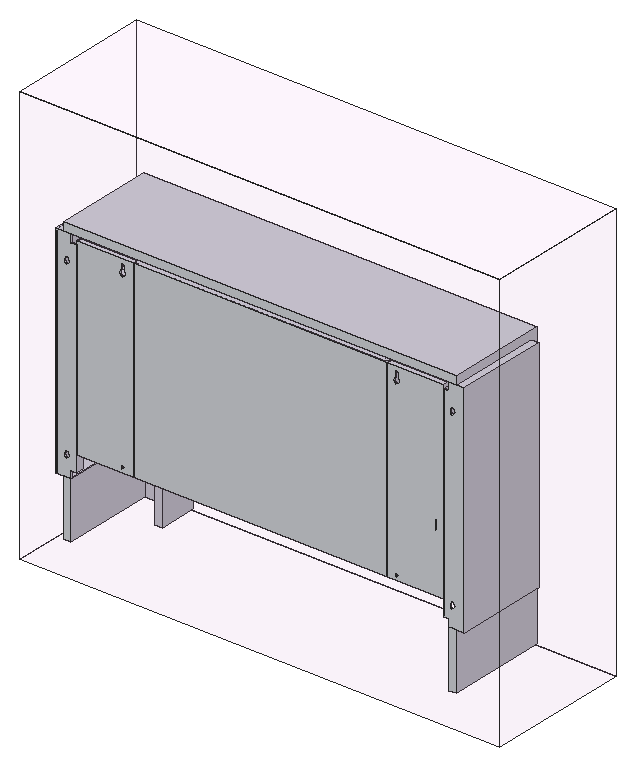
Revit family "01 - CASED EVOVERT - BTM IN - FRONT DIS - No Valves", category Mechanical Equipment, host Wall, Revit 2018 (continued)
Connectors
  piping at (365, 210.363, 628.302), diameter 15, driven by "LTHW Coil Connection Size"
    settings: on cut or joined group of Extrusion 18, Extrusion 20, Extrusion 23, Extrusion 25, Extrusion 29, Extrusion 31, index 5, connector inside diameter 609.6 mm, connector length 0.00 mm, flow factor 0, pipe flow 0.0 L/s, pressure drop 0.0 Pa, fitting loss kfactor 0, connector angle 0.00°, fixture units 0, engagement length 0.00 mm, angle of deflection 0.00°, flow configuration 0, flow direction 2, fitting loss method 4, system type 8, joint type 0, gender type 0, connector reference index -1, connector utility 0, adjustable connector no, is connector primary no, connector description "HTG Return"
  piping at (365, 261.486, 605.241), diameter 15, driven by "Ch.W Coil Connection Size"
    settings: on cut or joined group of Extrusion 18, Extrusion 20, Extrusion 23, Extrusion 25, Extrusion 29, Extrusion 31, index 6, connector inside diameter 609.6 mm, connector length 0.00 mm, flow factor 0, pipe flow 0.0 L/s, pressure drop 0.0 Pa, fitting loss kfactor 0, connector angle 0.00°, fixture units 0, engagement length 0.00 mm, angle of deflection 0.00°, flow configuration 0, flow direction 2, fitting loss method 4, system type 8, joint type 0, gender type 0, connector reference index -1, connector utility 0, adjustable connector no, is connector primary no, connector description "CLG Return"
  piping at (365, 252.488, 566.266), diameter 15, driven by "Ch.W Coil Connection Size"
    settings: on cut or joined group of Extrusion 18, Extrusion 20, Extrusion 23, Extrusion 25, Extrusion 29, Extrusion 31, index 7, connector inside diameter 609.6 mm, connector length 0.00 mm, flow factor 0, pipe flow 0.0 L/s, pressure drop 0.0 Pa, fitting loss kfactor 0, connector angle 0.00°, fixture units 0, engagement length 0.00 mm, angle of deflection 0.00°, flow configuration 0, flow direction 1, fitting loss method 4, system type 7, joint type 0, gender type 0, connector reference index -1, connector utility 0, adjustable connector no, is connector primary no, connector description "CLG Flow"
  piping at (-365, 252.488, 566.266), diameter 15, driven by "Ch.W Coil Connection Size"
    settings: on cut or joined group of Extrusion 21, Extrusion 22, Extrusion 24, Extrusion 26, Extrusion 32, index 8, connector inside diameter 609.6 mm, connector length 0.00 mm, flow factor 0, pipe flow 0.0 L/s, pressure drop 0.0 Pa, fitting loss kfactor 0, connector angle 0.00°, fixture units 0, engagement length 0.00 mm, angle of deflection 0.00°, flow configuration 0, flow direction 1, fitting loss method 4, system type 7, joint type 0, gender type 0, connector reference index -1, connector utility 0, adjustable connector no, is connector primary no, connector description "CLG Flow"
  piping at (-365, 261.486, 605.241), diameter 15, driven by "Ch.W Coil Connection Size"
    settings: on cut or joined group of Extrusion 21, Extrusion 22, Extrusion 24, Extrusion 26, Extrusion 32, index 9, connector inside diameter 609.6 mm, connector length 0.00 mm, flow factor 0, pipe flow 0.0 L/s, pressure drop 0.0 Pa, fitting loss kfactor 0, connector angle 0.00°, fixture units 0, engagement length 0.00 mm, angle of deflection 0.00°, flow configuration 0, flow direction 2, fitting loss method 4, system type 8, joint type 0, gender type 0, connector reference index -1, connector utility 0, adjustable connector no, is connector primary no, connector description "CLG Return"
  piping at (-365, 201.365, 589.327), diameter 15, driven by "LTHW Coil Connection Size"
    settings: on cut or joined group of Extrusion 21, Extrusion 22, Extrusion 24, Extrusion 26, Extrusion 32, index 10, connector inside diameter 609.6 mm, connector length 0.00 mm, flow factor 0, pipe flow 0.0 L/s, pressure drop 0.0 Pa, fitting loss kfactor 0, connector angle 0.00°, fixture units 0, engagement length 0.00 mm, angle of deflection 0.00°, flow configuration 0, flow direction 1, fitting loss method 4, system type 7, joint type 0, gender type 0, connector reference index -1, connector utility 0, adjustable connector no, is connector primary no, connector description "HTG Flow"
  piping at (-365, 210.363, 628.302), diameter 15, driven by "LTHW Coil Connection Size"
    settings: on cut or joined group of Extrusion 21, Extrusion 22, Extrusion 24, Extrusion 26, Extrusion 32, index 11, connector inside diameter 609.6 mm, connector length 0.00 mm, flow factor 0, pipe flow 0.0 L/s, pressure drop 0.0 Pa, fitting loss kfactor 0, connector angle 0.00°, fixture units 0, engagement length 0.00 mm, angle of deflection 0.00°, flow configuration 0, flow direction 2, fitting loss method 4, system type 8, joint type 0, gender type 0, connector reference index -1, connector utility 0, adjustable connector no, is connector primary no, connector description "HTG Return"
  electrical at (428.8, 155, 730)
    settings: on cut or joined group of Extrusion 52, Extrusion 53, Extrusion 54, Extrusion 57, index 12, voltage 230 V, apparent load 0 VA, apparent load phase1 0 VA, apparent load phase2 0 VA, apparent load phase3 0 VA, power factor 1, load classification "HVAC", number of poles 1, system type 31, power factor state 1, is connector primary yes, connector utility no, sub classification motor no, connector description "FCU Electrical Supply"
  electrical at (-428.8, 155, 730)
    settings: on cut or joined group of Extrusion 58, Extrusion 59, Extrusion 60, Extrusion 63, index 13, voltage 230 V, apparent load 0 VA, apparent load phase1 0 VA, apparent load phase2 0 VA, apparent load phase3 0 VA, power factor 1, load classification "HVAC", number of poles 1, system type 31, power factor state 1, is connector primary no, connector utility no, sub classification motor no, connector description "FCU Electrical Supply"
Definition of nested family "01 - EVOVERT CASE - LOW LEVEL - BTM IN - FRONT DIS"
  Parameters (values of type "EVOVERT CASE - Size 400")
    Top Pipework RH (CASE) = if([Top Pipework Entry (CASE)], if([RH Components Visible (CASE)], 1 = 1, 1 = 0), 1 = 0)  # no
    Top Pipework LH (CASE) = if([Top Pipework Entry (CASE)], if([LH Components Visible (CASE)], 1 = 1, 1 = 0), 1 = 0)  # no
    Top Pipework Entry (CASE) = no
    Side Pipework RH (CASE) = if([Side Pipework Entry (CASE)], if([RH Components Visible (CASE)], 1 = 1, 1 = 0), 1 = 0)  # no
    Side Pipework LH (CASE) = if([Side Pipework Entry (CASE)], if([LH Components Visible (CASE)], 1 = 1, 1 = 0), 1 = 0)  # no
    Side Pipework Entry (CASE) = no
    RH Components Visible (CASE) = yes
    Product Model Number (Code) [instance] = ""
    Plinth Visible (CASE) = yes
    Plinth Length = 150.00 mm  # constant formula
    Pipework Entry DIM (Top RH) = if([Top Pipework RH (CASE)], [FCU Depth (CASE)] - 90.00 mm, [FCU Depth (CASE)] + 50.00 mm)  # 285.00 mm
    Pipework Entry DIM (Top LH) = if([Top Pipework LH (CASE)], [FCU Depth (CASE)] - 90.00 mm, [FCU Depth (CASE)] + 50.00 mm)  # 285.00 mm
    Pipework Entry DIM (Side RH) = if([Side Pipework RH (CASE)], [FCU Depth (CASE)] - 90.00 mm, [FCU Depth (CASE)] + 50.00 mm)  # 285.00 mm
    Pipework Entry DIM (Side LH) = if([Side Pipework LH (CASE)], [FCU Depth (CASE)] - 90.00 mm, [FCU Depth (CASE)] + 50.00 mm)  # 285.00 mm
    Pipework Entry DIM (Bottom RH) = if([Bottom Pipework RH (CASE)], [FCU Depth (CASE)] - 90.00 mm, [FCU Depth (CASE)] + 50.00 mm)  # 145.00 mm
    Pipework Entry DIM (Bottom LH) = if([Bottom Pipework LH (CASE)], [FCU Depth (CASE)] - 90.00 mm, [FCU Depth (CASE)] + 50.00 mm)  # 145.00 mm
    Model = ""
    Mat Thickness Pos = 1.20 mm
    Mat Thickness Neg = Mat Thickness Pos * (-1)  # -1.20 mm
    Manufacturer = "Ability Projects"  # constant formula
    LH Components Visible (CASE) = yes
    Internet Address = ""
    Grille Length = Discharge Aperture Length / 2  # 817.50 mm
    FCU Width (CASE) = 1870.00 mm
    FCU Length (CASE) = 500.00 mm
    FCU Depth (CASE) = 235.00 mm
    Discharge Aperture Length = Chassis Discharge Aperture Length + 65.00 mm  # 1635.00 mm
    Description = ""
    Chassis Discharge Aperture Length = 1570.00 mm
    CASE Offset = 0.00 mm
    Bottom Pipework RH (CASE) = if([Bottom Pipework Entry (CASE)], if([RH Components Visible (CASE)], 1 = 1, 1 = 0), 1 = 0)  # yes
    Bottom Pipework Entry (CASE) = yes
    Bottom Pipework LH (CASE) = if([Bottom Pipework Entry (CASE)], if([LH Components Visible (CASE)], 1 = 1, 1 = 0), 1 = 0)  # yes
    Assembly Code = ""
    Access Clearance Visible - CASE [instance] = no
  Types (5, lengths in mm): name | RH Components Visible (CASE) | Pipework Entry DIM (Bottom RH) | Pipework Entry DIM (Bottom LH) | LH Components Visible (CASE) | Grille Length | FCU Width (CASE) | FCU Length (CASE) | Discharge Aperture Length | Chassis Discharge Aperture Length | Bottom Pipework RH (CASE) | Bottom Pipework Entry (CASE) | Bottom Pipework LH (CASE)
    EVOVERT CASE - Size 100 | no | 285.00 | 145.00 | yes | 667.50 | 1570.00 | 510.00 | 1335.00 | 1270.00 | no | yes | yes
    EVOVERT CASE - Size 200 | yes | 285.00 | 285.00 | no | 517.50 | 1270.00 | 500.00 | 1035.00 | 970.00 | no | no | no
    EVOVERT CASE - Size 300 | yes | 145.00 | 145.00 | yes | 667.50 | 1570.00 | 500.00 | 1335.00 | 1270.00 | yes | yes | yes
    EVOVERT CASE - Size 400 | yes | 145.00 | 145.00 | yes | 817.50 | 1870.00 | 500.00 | 1635.00 | 1570.00 | yes | yes | yes
    EVOVERT CASE - Size 500 | yes | 145.00 | 145.00 | yes | 967.50 | 2170.00 | 500.00 | 1935.00 | 1870.00 | yes | yes | yes
  Reference planes
    plane 1 "Wall": y = 0
    plane 2 "Center (Left/Right)": x = 0
    plane 3 "Back": y = 75
    plane 4 "Chassis Left": x = 935
    plane 5 "Chassis Right": x = -935
    plane 6 "FCU Bottom": z = 300
    plane 7 "FCU Top": z = 800
    plane 8 "FCU Front": y = 310
    plane 9: z = 550
    plane 10 "Case Front": y = 320
    plane 11 "Case Right": x = -990
    plane 12 "Case Left": x = 990
    plane 13 "Case Bottom": z = 240
    plane 14 "Case Top-Side": z = 810
    plane 15: y = 75
    plane 16 "Case Top": z = 830
  Forms (mm)
    Extrusion 1, solid
      sketch origin (-990, 0, 0) x (0, 1, 0) y (0, 0, 1)
        loop
          line (320, 810) -> (75, 810) -> (75, 240) -> (320, 240) -> (320, 810)
      from 0 to 1.2 <- "Mat Thickness Pos"
    Extrusion 2, solid
      sketch origin (-990, 75, 810) x (0, 0, -1) y (1, 0, 0)
        loop
          line (0, 0) -> (570, 0) -> (570, 40) -> (550, 40) -> (550, 55) -> (20, 55) -> (20, 40) -> (0, 40) -> (0, 0)
      from 0 to -1.2 <- "Mat Thickness Neg"
    Extrusion 3, solid
      sketch origin (-990, 320, 240) x (0, 0, 1) y (1, 0, 0)
        loop
          line (0, 0) -> (570, 0) -> (570, 40) -> (0, 40) -> (0, 0)
      from 0 to -1.2 <- "Mat Thickness Neg"
    Extrusion 4, solid
      sketch origin (-990, 320, 810) x (0, -1, 0) y (1, 0, 0)
        loop
          line (0, 0) -> (245, 0) -> (245, 40) -> (0, 40) -> (0, 0)
      from 0 to -1.2 <- "Mat Thickness Neg"
    Extrusion 5, solid
      sketch origin (-990, 75, 240) x (1, 0, 0) y (0, -1, 0)
        loop
          line (0, 0) -> (0, -245) -> (40, -245) -> (40, 0) -> (0, 0)
      from 0 to -1.2 <- "Mat Thickness Neg"
    Extrusion 6, solid
      sketch origin (-935, 75, 790) x (0, 0, -1) y (0, 1, 0)
        loop
          line (0, 0) -> (530, 0) -> (530, 20) -> (0, 20) -> (0, 0)
      from 0 to -1.2 <- "Mat Thickness Neg"
    Extrusion 7, void
      sketch origin (-990, 75, 810) x (-1, 0, 0) y (0, 0, 1)
        loop
          line (-33.75, -60) -> (-33.75, -61.388)
          arc (-33.75, -61.388) -> (-30, -73.75) -> (-26.25, -61.388) r 6.75
          line (-26.25, -61.388) -> (-26.25, -60)
          arc (-26.25, -60) -> (-30, -56.25) -> (-33.75, -60) r 3.75
        loop
          line (-33.75, -510) -> (-33.75, -511.388)
          arc (-33.75, -511.388) -> (-30, -523.75) -> (-26.25, -511.388) r 6.75
          line (-26.25, -511.388) -> (-26.25, -510)
          arc (-26.25, -510) -> (-30, -506.25) -> (-33.75, -510) r 3.75
      from 0 to 1.2
    Extrusion 8, void
      sketch origin (-935, 75, 790) x (0, 0, 1) y (0, 1, 0)
        loop
          circle (-20, 10) r 5
        loop
          circle (-470, 10) r 5
      from 0 to 1.2
    Extrusion 9, solid
      sketch origin (990, 0, 0) x (0, 0, 1) y (0, 1, 0)
        loop
          line (810, 75) -> (810, 320) -> (240, 320) -> (240, 75) -> (810, 75)
      from 0 to 1.2 <- "Mat Thickness Pos"
    Extrusion 10, solid
      sketch origin (990, 75, 240) x (0, 0, 1) y (-1, 0, 0)
        loop
          line (0, 0) -> (570, 0) -> (570, 40) -> (550, 40) -> (550, 55) -> (20, 55) -> (20, 40) -> (0, 40) -> (0, 0)
      from 0 to -1.2 <- "Mat Thickness Neg"
    Extrusion 11, solid
      sketch origin (990, 320, 810) x (0, 0, -1) y (-1, 0, 0)
        loop
          line (0, 0) -> (570, 0) -> (570, 40) -> (0, 40) -> (0, 0)
      from 0 to -1.2 <- "Mat Thickness Neg"
    Extrusion 12, solid
      sketch origin (990, 75, 810) x (0, 1, 0) y (-1, 0, 0)
        loop
          line (0, 0) -> (245, 0) -> (245, 40) -> (0, 40) -> (0, 0)
      from 0 to -1.2 <- "Mat Thickness Neg"
    Extrusion 13, solid
      sketch origin (990, 320, 240) x (-1, 0, 0) y (0, 1, 0)
        loop
          line (40, 0) -> (0, 0) -> (0, -245) -> (40, -245) -> (40, 0)
      from 0 to -1.2 <- "Mat Thickness Neg"
    Extrusion 14, solid
      sketch origin (935, 75, 260) x (0, 0, 1) y (0, 1, 0)
        loop
          line (530, 0) -> (530, 20) -> (0, 20) -> (0, 0) -> (530, 0)
      from 0 to -1.2 <- "Mat Thickness Neg"
    Extrusion 15, void
      sketch origin (990, 75, 240) x (1, 0, 0) y (0, 0, -1)
        loop
          arc (-33.75, -510) -> (-30, -513.75) -> (-26.25, -510) r 3.75
          line (-26.25, -510) -> (-26.25, -508.612)
          arc (-26.25, -508.612) -> (-30, -496.25) -> (-33.75, -508.612) r 6.75
          line (-33.75, -508.612) -> (-33.75, -510)
        loop
          arc (-33.75, -60) -> (-30, -63.75) -> (-26.25, -60) r 3.75
          line (-26.25, -60) -> (-26.25, -58.612)
          arc (-26.25, -58.612) -> (-30, -46.25) -> (-33.75, -58.612) r 6.75
          line (-33.75, -58.612) -> (-33.75, -60)
      from 0 to 1.2
    Extrusion 16, void
      sketch origin (935, 75, 260) x (0, 0, -1) y (0, 1, 0)
        loop
          circle (-510, 10) r 5
        loop
          circle (-60, 10) r 5
      from 0 to 1.2
    Extrusion 17, void
      sketch origin (-990, 320, 810) x (0, 1, 0) y (0, 0, 1)
        loop
          line (-285, -170) -> (-385, -170) -> (-385, -265) -> (-285, -265) -> (-285, -170)
        loop
          line (-285, -385) -> (-385, -385) -> (-385, -410) -> (-285, -410) -> (-285, -385)
      from 0 to 55
    Extrusion 18, void
      sketch origin (990, 320, 240) x (0, 1, 0) y (0, 0, -1)
        loop
          line (-385, -400) -> (-285, -400) -> (-285, -305) -> (-385, -305) -> (-385, -400)
        loop
          line (-385, -185) -> (-285, -185) -> (-285, -160) -> (-385, -160) -> (-385, -185)
      from 0 to 55
    Extrusion 19, solid
      sketch origin (-990, 320, 810) x (0, -1, 0) y (1, 0, 0)
        loop
          line (0, 20) -> (245, 20) -> (245, 1960) -> (0, 1960) -> (0, 20)
      from 0 to 22.4
    Extrusion 20, solid
      sketch origin (-950, 320, 810) x (-1, 0, 0) y (0, 0, 1)
        loop
          line (-1920, 22.4) -> (-1920, -22.6) -> (20, -22.6) -> (20, 22.4) -> (-1920, 22.4)
      from 0 to 20
    Extrusion 21, solid
      sketch origin (-950, 320, 810) x (-1, 0, 0) y (0, 0, 1)
        loop
          line (-1920, -132.6) -> (-1920, -182.6) -> (20, -182.6) -> (20, -132.6) -> (-1920, -132.6)
      from 0 to 20
    Extrusion 22, solid
      sketch origin (-950, 320, 810) x (-1, 0, 0) y (0, 0, 1)
        loop
          line (-1920, -182.6) -> (-1920, -192.6) -> (20, -192.6) -> (20, -182.6) -> (-1920, -182.6)
      from 0 to 1.2 <- "Mat Thickness Pos"
    Extrusion 23, solid
      sketch origin (-950, 320, 810) x (-1, 0, 0) y (0, 0, 1)
        loop
          line (-1920, -525) -> (-1920, -570) -> (20, -570) -> (20, -525) -> (-1920, -525)
      from 0 to 20
    Extrusion 24, solid
      sketch origin (-950, 320, 810) x (-1, 0, 0) y (0, 0, 1)
        loop
          line (-1920, -515) -> (-1920, -525) -> (20, -525) -> (20, -515) -> (-1920, -515)
      from 0 to 1.2 <- "Mat Thickness Pos"
    Extrusion 25, solid
      sketch origin (-950, 320, 810) x (-1, 0, 0) y (0, 0, 1)
        loop
          line (-1920, -192.6) -> (-1920, -515) -> (20, -515) -> (20, -192.6) -> (-1920, -192.6)
      from 0 to 20
    Extrusion 26, solid
      sketch origin (-950, 320, 810) x (-1, 0, 0) y (0, 0, 1)
        loop
          line (-132.5, -22.6) -> (-132.5, -132.6) -> (20, -132.6) -> (20, -22.6) -> (-132.5, -22.6)
      from 0 to 20
    Extrusion 27, solid
      sketch origin (950, 320, 240) x (1, 0, 0) y (0, 0, -1)
        loop
          line (20, -547.4) -> (20, -437.4) -> (-132.5, -437.4) -> (-132.5, -547.4) -> (20, -547.4)
      from 0 to 20
    Extrusion 28, solid, visible <- "Plinth Visible (CASE)"
      sketch origin (-950, 320, 240) x (0, 1, 0) y (1, 0, 0)
        loop
          line (-245, 0) -> (-245, -20) -> (20, -20) -> (20, 110) -> (-80, 110) -> (-80, 90) -> (0, 90) -> (0, 0) -> (-245, 0)
        loop
          line (-245, 1920) -> (-245, 1900) -> (0, 1900) -> (0, 1810) -> (-80, 1810) -> (-80, 1790) -> (20, 1790) -> (20, 1920) -> (-245, 1920)
      from 0 to 150 <- "Plinth Length"
    Extrusion 29, void
      sketch origin (970, 320, 832.4) x (0, -1, 0) y (-1, 0, 0)
        loop
          line (385, 1785) -> (385, 1915) -> (295, 1915) -> (295, 1785) -> (385, 1785)
      from 0 to 22.4
    Extrusion 30, void
      sketch origin (970, 320, 832.4) x (0, -1, 0) y (-1, 0, 0)
        loop
          line (385, 25) -> (385, 155) -> (295, 155) -> (295, 25) -> (385, 25)
      from 0 to 22.4
  Cuts and joins
    Extrusion 7, Extrusion 8, Extrusion 17 cuts Extrusion 1
    Extrusion 7, Extrusion 8, Extrusion 17 cuts Extrusion 2
    Extrusion 7, Extrusion 8, Extrusion 17 cuts Extrusion 3
    Extrusion 7, Extrusion 8, Extrusion 17 cuts Extrusion 4
    Extrusion 7, Extrusion 8, Extrusion 17 cuts Extrusion 5
    Extrusion 7, Extrusion 8, Extrusion 17 cuts Extrusion 6
    joined: Extrusion 1, Extrusion 2, Extrusion 3, Extrusion 4, Extrusion 5, Extrusion 6
    Extrusion 15, Extrusion 16, Extrusion 18 cuts Extrusion 9
    Extrusion 15, Extrusion 16, Extrusion 18 cuts Extrusion 10
    Extrusion 15, Extrusion 16, Extrusion 18 cuts Extrusion 11
    Extrusion 15, Extrusion 16, Extrusion 18 cuts Extrusion 12
    Extrusion 15, Extrusion 16, Extrusion 18 cuts Extrusion 13
    Extrusion 15, Extrusion 16, Extrusion 18 cuts Extrusion 14
    joined: Extrusion 9, Extrusion 10, Extrusion 11, Extrusion 12, Extrusion 13, Extrusion 14
    Extrusion 29, Extrusion 30 cuts Extrusion 19
    Extrusion 29, Extrusion 30 cuts Extrusion 20
    joined: Extrusion 19, Extrusion 20
    joined: Extrusion 21, Extrusion 22
    joined: Extrusion 23, Extrusion 24
  Text (mm)
    text "Placement side" at (-1820.995, -659.926, 0), in view "Ref. Level"
    text "Placement side" at (0, 1334.055, 2976.191), in view "Left"
    text "Placement side" at (0, 439.194, 2944.362), in view "Right"
  Dimensions and locks
    locked: plane 3 "Back" to host wall
    locked: level to plane 6 "FCU Bottom" at 300
    "FCU Length (CASE)": plane 6 "FCU Bottom" to plane 7 "FCU Top"
    equal spacing: plane 6 "FCU Bottom", plane 9, plane 7 "FCU Top"
    locked: plane 10 "Case Front" to plane 8 "FCU Front" at 10
    locked: plane 5 "Chassis Right" to plane 11 "Case Right" at 55
    locked: plane 4 "Chassis Left" to plane 12 "Case Left" at 55
    locked: plane 14 "Case Top-Side" to plane 7 "FCU Top" at 10
    locked: plane 6 "FCU Bottom" to plane 13 "Case Bottom" at 60
    locked: cut or joined group 1 (Extrusion 1, Extrusion 2, Extrusion 3, Extrusion 4, Extrusion 5, Extrusion 6, Extrusion 7, Extrusion 8, Extrusion 17) to Extrusion 6 sketch curve at 20
    locked: Extrusion 7 sketch curve to plane 11 "Case Right" at 30  (x3)
    locked: Extrusion 7 sketch curve to Extrusion 7 sketch curve at 7  (x2)
    locked: cut or joined group 1 to Extrusion 7 sketch curve at 30
    locked: Extrusion 15 sketch curve to plane 12 "Case Left" at 30  (x3)
    locked: cut or joined group 2 (Extrusion 9, Extrusion 10, Extrusion 11, Extrusion 12, Extrusion 13, Extrusion 14, Extrusion 15, Extrusion 16, Extrusion 18) to Extrusion 15 sketch curve at 30
    locked: Extrusion 15 sketch curve to Extrusion 15 sketch curve at 7  (x2)
    equal spacing: plane 4 "Chassis Left", plane 2 "Center (Left/Right)", plane 5 "Chassis Right"
    "FCU Width (CASE)": plane 4 "Chassis Left" to plane 5 "Chassis Right"
    locked: Extrusion 7 sketch curve to plane 7 "FCU Top" at 50
    locked: Extrusion 15 sketch curve to plane 7 "FCU Top" at 50
    locked: Extrusion 17 sketch curve to Extrusion 17 sketch curve at 25
    locked: Extrusion 17 sketch curve to Extrusion 17 sketch curve at 95
    locked: Extrusion 17 sketch curve to plane 6 "FCU Bottom" at 100
    locked: Extrusion 17 sketch curve to plane 7 "FCU Top" at 160
    locked: Extrusion 17 sketch curve to Extrusion 17 sketch curve at 100
    "Pipework Entry DIM (Side RH)": plane 10 "Case Front" to Extrusion 17 sketch curve
    locked: Extrusion 18 sketch curve to Extrusion 18 sketch curve at 100
    "Pipework Entry DIM (Side LH)": Extrusion 18 sketch curve to plane 10 "Case Front"
    "CASE Offset": plane 3 "Back" to plane 15
    "FCU Depth (CASE)": plane 8 "FCU Front" to plane 15
    locked: Extrusion 8 sketch curve to plane 6 "FCU Bottom" at 20
    locked: Extrusion 8 sketch curve to plane 15 at 10  (x2)
    locked: plane 7 "FCU Top" to Extrusion 8 sketch curve at 30
    locked: plane 11 "Case Right" to Extrusion 19 sketch curve at 20
    locked: Extrusion 19 sketch curve to plane 12 "Case Left" at 20
    locked: Extrusion 20 sketch curve to Extrusion 19 at 45
    locked: Extrusion 21 sketch curve to cut or joined group of Extrusion 19, Extrusion 20, Extrusion 29, Extrusion 30 at 110
    locked: Extrusion 21 sketch curve to Extrusion 21 sketch curve at 50
    locked: Extrusion 22 sketch curve to Extrusion 21 at 10
    locked: Extrusion 23 sketch curve to Extrusion 23 sketch curve at 45
    locked: Extrusion 23 to Extrusion 24 sketch curve at 10
    "Grille Length": plane 2 "Center (Left/Right)" to Extrusion 26 sketch curve
    "Grille Length": Extrusion 27 sketch curve to plane 2 "Center (Left/Right)"
    locked: cut or joined group of Extrusion 19, Extrusion 20, Extrusion 29, Extrusion 30 to Extrusion 28 sketch curve at 130
    locked: cut or joined group of Extrusion 19, Extrusion 20, Extrusion 29, Extrusion 30 to Extrusion 28 sketch curve at 100
    locked: Extrusion 28 sketch curve to Extrusion 28 sketch curve at 20  (x2)
    locked: Extrusion 28 sketch curve to cut or joined group of Extrusion 19, Extrusion 20, Extrusion 29, Extrusion 30 at 130
    locked: plane 14 "Case Top-Side" to plane 16 "Case Top" at 20
    locked: Extrusion 30 sketch curve to Extrusion 30 sketch curve at 90
    locked: Extrusion 30 sketch curve to Extrusion 30 sketch curve at 130
    locked: Extrusion 30 sketch curve to plane 12 "Case Left" at 45
    locked: Extrusion 29 sketch curve to Extrusion 29 sketch curve at 130
    locked: plane 11 "Case Right" to Extrusion 29 sketch curve at 45
    locked: Extrusion 29 sketch curve to Extrusion 29 sketch curve at 90
    "Pipework Entry DIM (Top LH)": plane 8 "FCU Front" to Extrusion 30 sketch curve
    "Pipework Entry DIM (Top RH)": Extrusion 29 sketch curve to plane 8 "FCU Front"
    aligned and locked: plane 1 "Wall" to host wall
    aligned and locked: plane 14 "Case Top-Side" to Extrusion 1 sketch curve
    aligned and locked: Extrusion 1 sketch curve to plane 13 "Case Bottom"
    aligned and locked: plane 10 "Case Front" to Extrusion 1 sketch curve
    aligned and locked: Extrusion 2 sketch curve to Extrusion 1  (x2)
    aligned and locked: Extrusion 3 sketch curve to Extrusion 1
    aligned and locked: Extrusion 3 sketch curve to Extrusion 2  (x3)
    aligned and locked: Extrusion 4 sketch curve to Extrusion 1
    aligned and locked: Extrusion 4 sketch curve to Extrusion 3
    aligned and locked: Extrusion 4 sketch curve to Extrusion 2  (x2)
    aligned and locked: Extrusion 5 sketch curve to Extrusion 1
    aligned and locked: Extrusion 5 sketch curve to Extrusion 3
    aligned and locked: Extrusion 2 to Extrusion 5 sketch curve
    aligned and locked: Extrusion 5 sketch curve to Extrusion 4
    aligned and locked: cut or joined group 1 to Extrusion 6 sketch curve
    aligned and locked: Extrusion 6 sketch curve to cut or joined group 1  (x2)
    aligned and locked: Extrusion 2 to Extrusion 7
    aligned and locked: Extrusion 6 to Extrusion 8
    aligned and locked: Extrusion 9 sketch curve to cut or joined group 1  (x4)
    aligned and locked: Extrusion 9 to plane 12 "Case Left"
    aligned and locked: Extrusion 10 sketch curve to Extrusion 9  (x3)
    aligned and locked: Extrusion 10 sketch curve to cut or joined group 1  (x2)
    aligned and locked: Extrusion 10 sketch curve to Extrusion 10 sketch curve
    aligned and locked: Extrusion 11 sketch curve to Extrusion 9  (x3)
    aligned and locked: Extrusion 11 sketch curve to Extrusion 10
    aligned and locked: Extrusion 12 sketch curve to Extrusion 9
    aligned and locked: Extrusion 12 sketch curve to Extrusion 11  (x2)
    aligned and locked: Extrusion 10 to Extrusion 12 sketch curve
    aligned and locked: Extrusion 13 sketch curve to Extrusion 11
    aligned and locked: Extrusion 13 sketch curve to Extrusion 9
    aligned and locked: Extrusion 13 sketch curve to Extrusion 10
    aligned and locked: Extrusion 13 sketch curve to Extrusion 12
    aligned and locked: Extrusion 14 sketch curve to cut or joined group 1  (x3)
    aligned and locked: cut or joined group 2 to Extrusion 14 sketch curve
    aligned and locked: Extrusion 10 to Extrusion 15
    aligned and locked: Extrusion 16 sketch curve to cut or joined group 1  (x4)
    aligned and locked: Extrusion 7 sketch curve to plane 6 "FCU Bottom"
    aligned and locked: plane 6 "FCU Bottom" to Extrusion 15 sketch curve
    aligned and locked: Extrusion 17 sketch curve to Extrusion 17 sketch curve  (x2)
    aligned and locked: plane 5 "Chassis Right" to Extrusion 17
    aligned and locked: Extrusion 18 sketch curve to Extrusion 18 sketch curve  (x2)
    aligned and locked: Extrusion 18 sketch curve to Extrusion 17  (x4)
    aligned and locked: Extrusion 18 to plane 4 "Chassis Left"
    aligned and locked: Extrusion 1 sketch curve to plane 15
    aligned and locked: Extrusion 19 sketch curve to plane 10 "Case Front"
    aligned and locked: Extrusion 20 sketch curve to Extrusion 19  (x3)
    aligned and locked: Extrusion 21 sketch curve to cut or joined group of Extrusion 19, Extrusion 20, Extrusion 29, Extrusion 30
    aligned and locked: cut or joined group of Extrusion 19, Extrusion 20, Extrusion 29, Extrusion 30 to Extrusion 21 sketch curve
    aligned and locked: Extrusion 21 to cut or joined group of Extrusion 19, Extrusion 20, Extrusion 29, Extrusion 30
    aligned and locked: Extrusion 22 sketch curve to Extrusion 21  (x3)
    aligned and locked: plane 13 "Case Bottom" to Extrusion 23 sketch curve
    aligned and locked: Extrusion 23 sketch curve to cut or joined group of Extrusion 21, Extrusion 22
    aligned and locked: cut or joined group of Extrusion 21, Extrusion 22 to Extrusion 23 sketch curve
    aligned and locked: Extrusion 23 to cut or joined group of Extrusion 19, Extrusion 20, Extrusion 29, Extrusion 30
    aligned and locked: Extrusion 25 sketch curve to cut or joined group of Extrusion 21, Extrusion 22  (x2)
    aligned and locked: Extrusion 25 sketch curve to cut or joined group of Extrusion 23, Extrusion 24
    aligned and locked: cut or joined group of Extrusion 21, Extrusion 22 to Extrusion 25
    aligned and locked: cut or joined group of Extrusion 19, Extrusion 20, Extrusion 29, Extrusion 30 to Extrusion 26 sketch curve  (x2)
    aligned and locked: Extrusion 26 sketch curve to cut or joined group of Extrusion 21, Extrusion 22
    aligned and locked: cut or joined group of Extrusion 19, Extrusion 20, Extrusion 29, Extrusion 30 to Extrusion 26
    aligned and locked: Extrusion 27 sketch curve to cut or joined group of Extrusion 19, Extrusion 20, Extrusion 29, Extrusion 30  (x2)
    aligned and locked: cut or joined group of Extrusion 21, Extrusion 22 to Extrusion 27 sketch curve
    aligned and locked: Extrusion 27 to cut or joined group of Extrusion 19, Extrusion 20, Extrusion 29, Extrusion 30
    aligned and locked: nested 1 to plane 10 "Case Front"
    aligned and locked: nested 1 to Extrusion 26
    aligned and locked: cut or joined group of Extrusion 19, Extrusion 20, Extrusion 29, Extrusion 30 to Extrusion 28 sketch curve  (x3)
    aligned and locked: Extrusion 28 sketch curve to cut or joined group of Extrusion 19, Extrusion 20, Extrusion 29, Extrusion 30  (x3)
    aligned and locked: Extrusion 28 sketch curve to cut or joined group 1  (x2)
    aligned and locked: cut or joined group 2 to Extrusion 28 sketch curve
    aligned and locked: Extrusion 28 sketch curve to cut or joined group 2
    aligned and locked: Extrusion 28 sketch curve to Extrusion 28 sketch curve
    aligned and locked: Extrusion 19 sketch curve to plane 15
    aligned and locked: Extrusion 29 to plane 14 "Case Top-Side"
    aligned and locked: Extrusion 19 to Extrusion 29
    aligned and locked: Extrusion 19 to Extrusion 30
    aligned and locked: Extrusion 30 to plane 14 "Case Top-Side"
    aligned and locked: Extrusion 30 to cut or joined group 2
    aligned and locked: Extrusion 20 to Extrusion 30
    aligned and locked: Extrusion 20 to Extrusion 29
    aligned and locked: Extrusion 24 sketch curve to cut or joined group of Extrusion 23, Extrusion 24  (x2)
  Automatic sketch dimensions
    Extrusion 2 sketch curve to Extrusion 1 = 0.00 mm
    Extrusion 2 sketch curve to Extrusion 1 = 20.00 mm  (x2)
    Extrusion 2 sketch curve to Extrusion 1 = 38.80 mm  (x2)
    Extrusion 2 sketch curve to Extrusion 2 sketch curve = 15.00 mm
    Extrusion 7 sketch curve to Extrusion 7 sketch curve = 3.75 mm  (x2)
    Extrusion 7 sketch curve to Extrusion 7 sketch curve = 1.388 mm  (x2)
    Extrusion 10 sketch curve to Extrusion 9 = 38.80 mm
    Extrusion 10 sketch curve to Extrusion 10 sketch curve = 15.00 mm
    Extrusion 15 sketch curve to Extrusion 15 sketch curve = 3.75 mm  (x2)
    Extrusion 15 sketch curve to Extrusion 15 sketch curve = 1.388 mm  (x2)
    Extrusion 4 to Extrusion 25 sketch curve = 20.00 mm
    Extrusion 24 sketch curve to Extrusion 24 sketch curve = 10.00 mm
    radius of Extrusion 8 sketch curve = 5.00 mm  (x2)
  Nested families
    nested 1: "CASE Grille" at (817.5, 320, 677.4) x (0, 0, 1) z (-1, 0, 0), type "CASE Grille"
      with Grille Length 1635.00 mm
  Definition of nested family "CASE Grille"
    Parameters (values of type "CASE Grille")
      Grille Length = 670.00 mm
      Default Elevation = 1219.20 mm
    Reference planes
      plane 1 "Center (Front/Back)": y = 0
      plane 2: z = 0
      plane 3 "Center (Left/Right)": x = 0
      plane 4: x = 110
      plane 5: y = 22.5
      plane 6 "Grille End": z = 670
    Forms (mm)
      Extrusion 1, solid
        sketch origin (0, 0, 0) x (1, 0, 0) y (0, 1, 0)
          loop
            line (-1219.2, 1219.2) -> (-1219.2, -1219.2) -> (1219.2, -1219.2) -> (1219.2, 1219.2) -> (-1219.2, 1219.2)
        from 0 to -304.8
      Extrusion 2, solid
        sketch origin (0, 0, 0) x (1, 0, 0) y (0, 1, 0)
          loop
            line (6.9, 0) -> (7.9, 0) -> (7.9, 12.5) -> (13.4, 22.5) -> (9.9, 22.5) -> (6.9, 12.5) -> (6.9, 0)
          loop
            line (19.3, 0) -> (20.3, 0) -> (20.3, 12.5) -> (25.8, 22.5) -> (22.3, 22.5) -> (19.3, 12.5) -> (19.3, 0)
          loop
            line (31.7, 0) -> (32.7, 0) -> (32.7, 12.5) -> (38.2, 22.5) -> (34.7, 22.5) -> (31.7, 12.5) -> (31.7, 0)
          loop
            line (44.1, 0) -> (45.1, 0) -> (45.1, 12.5) -> (50.6, 22.5) -> (47.1, 22.5) -> (44.1, 12.5) -> (44.1, 0)
          loop
            line (56.5, 0) -> (57.5, 0) -> (57.5, 12.5) -> (63, 22.5) -> (59.5, 22.5) -> (56.5, 12.5) -> (56.5, 0)
          loop
            line (68.9, 0) -> (69.9, 0) -> (69.9, 12.5) -> (75.4, 22.5) -> (71.9, 22.5) -> (68.9, 12.5) -> (68.9, 0)
          loop
            line (81.3, 0) -> (82.3, 0) -> (82.3, 12.5) -> (87.8, 22.5) -> (84.3, 22.5) -> (81.3, 12.5) -> (81.3, 0)
          loop
            line (93.7, 0) -> (94.7, 0) -> (94.7, 12.5) -> (100.2, 22.5) -> (96.7, 22.5) -> (93.7, 12.5) -> (93.7, 0)
        from 0 to 670
      Extrusion 3, solid
        sketch origin (0, 0, 0) x (0, 1, 0) y (0, 0, 1)
          loop
            circle (8, 35) r 3.5
          loop
            circle (8, 635) r 3.5
          loop
            circle (8, 335) r 3.5
          loop
            circle (8, 635) r 4.5
          loop
            circle (8, 335) r 4.5
          loop
            circle (8, 35) r 4.5
        from 0 to 110
    Cuts and joins
      joined: Extrusion 2, Extrusion 3
    Dimensions and locks
      locked: plane 1 "Center (Front/Back)" to plane 5 at 22.5
      locked: plane 3 "Center (Left/Right)" to plane 4 at 110
      "Grille Length": Extrusion 1 to plane 6 "Grille End"
      locked: plane 3 "Center (Left/Right)" to Extrusion 2 sketch curve at 6.9
      locked: plane 1 "Center (Front/Back)" to Extrusion 2 sketch curve at 12.5  (x2)
      locked: plane 3 "Center (Left/Right)" to Extrusion 2 sketch curve at 9.9
      locked: Extrusion 2 sketch curve to Extrusion 2 sketch curve at 1  (x8)
      locked: Extrusion 2 sketch curve to Extrusion 2 sketch curve at 3.5  (x8)
      locked: Extrusion 3 sketch curve to Extrusion 1 at 35
      locked: Extrusion 3 sketch curve to plane 1 "Center (Front/Back)" at 8  (x3)
      locked: plane 6 "Grille End" to Extrusion 3 sketch curve at 35
      equal spacing: Extrusion 3 sketch curve, Extrusion 3 sketch curve, Extrusion 3 sketch curve
      aligned and locked: plane 2 to Extrusion 1
      aligned and locked: level to Extrusion 1
      aligned and locked: plane 5 to Extrusion 2 sketch curve
      aligned and locked: plane 1 "Center (Front/Back)" to Extrusion 2 sketch curve
      aligned and locked: Extrusion 2 to level
      aligned and locked: plane 6 "Grille End" to Extrusion 2
      aligned and locked: Extrusion 3 to plane 3 "Center (Left/Right)"
      aligned and locked: Extrusion 3 to plane 4
    Automatic sketch dimensions
      Extrusion 1 sketch curve to Extrusion 1 sketch curve = 2438.40 mm  (x2)
      plane 1 "Center (Front/Back)" to Extrusion 2 sketch curve = 0.00 mm  (x7)
      Extrusion 2 sketch curve to plane 5 = 0.00 mm  (x7)
      Extrusion 2 sketch curve to Extrusion 2 sketch curve = 11.40 mm  (x7)
      Extrusion 2 sketch curve to Extrusion 2 sketch curve = 8.90 mm  (x7)
      Extrusion 2 sketch curve to plane 5 = 10.00 mm  (x7)
      Extrusion 2 sketch curve to Extrusion 2 sketch curve = 0.00 mm  (x7)
      Extrusion 3 sketch curve to Extrusion 3 sketch curve = 0.00 mm  (x4)
      Extrusion 3 sketch curve to plane 5 = 14.50 mm
      level to Extrusion 3 sketch curve = 35.00 mm
      radius of Extrusion 3 sketch curve = 3.50 mm  (x3)
      radius of Extrusion 3 sketch curve = 4.50 mm  (x3)
Types (14, lengths in mm): name | TOP Pipework Entry | SIDE Pipework Entry | RH Components Visible | Overall Width | Outlet Connection Width | LH Components Visible | Intake Width | Handing | FCU Width | BOTTOM Pipework Entry | Access Clearance Visible
  EVOVERT - Size 100 LH | no | no | no | 970.00 | 670.00 | yes | 640.00 | "LH" | 670.00 | no | yes
  EVOVERT - Size 100 RH | yes | yes | yes | 970.00 | 670.00 | no | 640.00 | "RH" | 670.00 | yes | no
  EVOVERT - Size 200 LH | yes | yes | no | 1270.00 | 970.00 | yes | 940.00 | "LH" | 970.00 | yes | no
  EVOVERT - Size 200 RH | yes | yes | yes | 1270.00 | 970.00 | no | 940.00 | "RH" | 970.00 | yes | no
  EVOVERT - Size 250 LH | yes | yes | no | 1270.00 | 970.00 | yes | 940.00 | "LH" | 970.00 | yes | no
  EVOVERT - Size 250 RH | yes | yes | yes | 1270.00 | 970.00 | no | 940.00 | "RH" | 970.00 | yes | no
  EVOVERT - Size 300 LH | yes | yes | no | 1570.00 | 1270.00 | yes | 1240.00 | "LH" | 1270.00 | yes | no
  EVOVERT - Size 300 RH | yes | yes | yes | 1570.00 | 1270.00 | no | 1240.00 | "RH" | 1270.00 | yes | no
  EVOVERT - Size 400 LH | yes | yes | no | 1870.00 | 1570.00 | yes | 1540.00 | "LH" | 1570.00 | yes | no
  EVOVERT - Size 400 RH | yes | yes | yes | 1870.00 | 1570.00 | no | 1540.00 | "RH" | 1570.00 | yes | no
  EVOVERT - Size 500 LH | yes | yes | no | 2170.00 | 1870.00 | yes | 1840.00 | "LH" | 1870.00 | yes | no
  EVOVERT - Size 500 RH | yes | yes | yes | 2170.00 | 1870.00 | no | 1840.00 | "RH" | 1870.00 | yes | no
  EVOVERT - Size 550 LH | yes | yes | no | 2170.00 | 1870.00 | yes | 1840.00 | "LH" | 1870.00 | yes | no
  EVOVERT - Size 550 RH | yes | yes | yes | 2170.00 | 1870.00 | no | 1840.00 | "RH" | 1870.00 | yes | no
